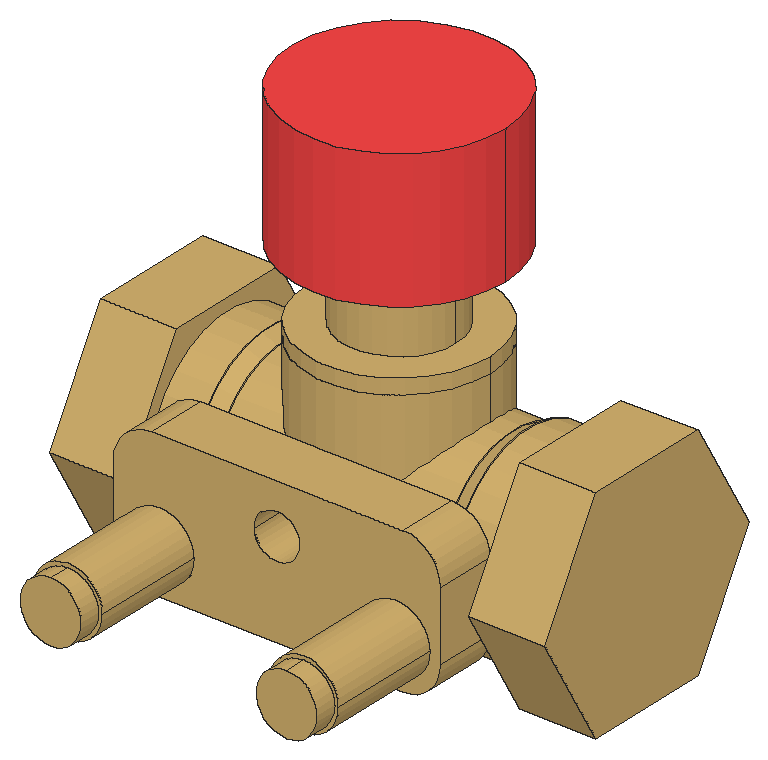
Revit family "ASV-M_DN15-DN40_Internal_TP_RFA", category Pipe Accessories, Revit 2019
Family settings
  Round Connector Dimension = Use Diameter
  Part Type = Valve - Breaks Into
  Work Plane-Based = No
  Always vertical = Yes
  Cut with Voids When Loaded = No
  Shared = No
Parameters (values of type "ASV-M_DN15_Internal_TP_003L7681")
  ang2D [instance] = 0.00°
  W_TP = 35 mm
  W_P = 20 mm
  Valve Body Material = Danfoss Brass
  Use Minimum Symbol Size [instance] = no
  URL = "https://store.danfoss.com/en/Climate-Solutions-for-heating/Hydronic-Balancing-and-Control/Differential-Pressure-Control/Partner-valves/c/7017?q=%3Arelevance%3Adanfoss_producttypehierarchydesc%3A0db7ce8e13f1d90eb5580db7ceeb1985e23455bd%3Adanfoss_a50461501115_fts%3ATA5_1501120&page=0&pageSize=20"
  TD = R_V2 * 2  # 26 mm
  R_Thread1 = 16.5 mm
  R_TP = 3 mm
  R_Body1 = 12 mm
  R_V1 = 12 mm
  R_V2 = 13 mm
  R_Body3 = 7.5 mm
  R_C = 14 mm
  R_Body2 = 12 mm
  Pressure Drop [instance] = 0.0 Pa
  Depth_P = 8 mm
  Nominal Pressure = "PN 16"  # constant formula
  R_T = 16.7 mm
  H_T1 = 9.5 mm
  Model Type = "ASV-M_DN15_Internal_TP"
  Model = "003L7681"
  Min Medium Temperature = "-20 °C"  # constant formula
  Min Differential Pressure = "10 kPa"  # constant formula
  Max Medium Temperature = "120 °C"  # constant formula
  Max Differential Pressure = "150 kPa"  # constant formula
  Manufacturer = "Danfoss"  # constant formula
  H_T2 = 2 mm
  L_TP3 = 0 mm
  L_TP2 = 15.5 mm
  L_TP1 = 15.5 mm
  L_2 = 32.5 mm
  L_P2 = 21.5 mm
  L_P1 = 21.5 mm
  LOD 350 = not(LOD 200)  # yes
  LOD 200 = no
  L4 = 15 mm
  L3 = 2 mm
  L2__ve = -L2  # -6 mm
  L2 = 6 mm
  L1__ve = -L1  # -10 mm
  L1 = 10 mm
  L = L_2 * 2  # 65 mm
  Kvs = 1.6 m³/h
  IfcExportType = "ASV-M"  # constant formula
  IfcExportAs = "IfcValveType"  # constant formula
  H_TP1 = 3.5 mm
  H_TP2 = 3 mm
  H_P2 = 9.5 mm
  H_P1 = 9.5 mm
  H_C = 18 mm
  H1 = 47.1 mm
  Flow [instance] = 0.0 m³/h
  Description = "Partner Valve for Automatic Balancing"  # constant formula
  D = 15 mm
  Connection = "Internal Thread"  # constant formula
  R_Thread = R_T * cos(30.00°)  # 14.463 mm
  R_Arc = 5 mm
Types (5, lengths in mm): name | W_TP | W_P | TD | R_Thread1 | R_TP | R_Body1 | R_V1 | R_V2 | R_Body3 | R_C | R_Body2 | Depth_P | R_T | H_T1 | Model Type | Model | H_T2 | L_TP3 | L_TP2 | L_TP1 | L_2 | L_P2 | L_P1 | L4 | L3 | L2__ve | L2 | L1__ve | L1 | L | Kvs | H_TP1 | H_TP2 | H_P2 | H_P1 | H_C | H1 | D | R_Thread
  ASV-M_DN20_Internal_TP_003L7682 | 37 | 20 | 30 | 20.5 | 3 | 14.5 | 14.5 | 15 | 9 | 17.5 | 14.5 | 8 | 20.8 | 11.5 | "ASV-M_DN20_Internal_TP" | "003L7682" | 2 | 1 | 14.5 | 16.5 | 37.5 | 20.5 | 22 | 18 | 2 | -9 | 9 | -10 | 10 | 75 | 2.5 m³/h | 3 | 3 | 9.5 | 9.5 | 22.5 | 58.75 | 20 | 18.013
  ASV-M_DN25_Internal_TP_003L7683 | 40 | 23 | 38.4 | 26.5 | 3.5 | 18 | 18 | 19.2 | 11 | 22.5 | 18 | 8 | 27.1 | 15.5 | "ASV-M_DN25_Internal_TP" | "003L7683" | 2 | 2 | 13.5 | 17.5 | 42 | 20 | 23.5 | 19 | 2 | -12 | 12 | -12 | 12 | 84 | 4.0 m³/h | 3 | 3 | 9.5 | 9.5 | 28.8 | 75.8 | 25 | 23.469
  ASV-M_DN32_Internal_TP_003L7684 | 45 | 28.5 | 48 | 32.5 | 3.5 | 22 | 22 | 24 | 14 | 27.5 | 22 | 8 | 32.9 | 22.5 | "ASV-M_DN32_Internal_TP" | "003L7684" | 7 | 3 | 12.5 | 18.5 | 47.5 | 22 | 28 | 20.5 | 2.143 | -11 | 11 | -15 | 15 | 95 | 6.3 m³/h | 3 | 3 | 9 | 9 | 36 | 98 | 32 | 28.492
  ASV-M_DN40_Internal_TP_003L7685 | 50 | 33 | 54 | 36 | 3.5 | 22 | 25 | 27 | 14 | 27.5 | 22 | 11.5 | 36.4 | 19 | "ASV-M_DN40_Internal_TP" | "003L7685" | 4 | 5.5 | 10 | 21 | 50 | 22 | 28 | 23 | 2.429 | -9 | 9 | -17 | 17 | 100 | 10.0 m³/h | 1 | 5 | 11 | 7 | 36 | 98.8 | 40 | 31.523
  ASV-M_DN15_Internal_TP_003L7681 | 35 | 20 | 26 | 16.5 | 3 | 12 | 12 | 13 | 7.5 | 14 | 12 | 8 | 16.7 | 9.5 | "ASV-M_DN15_Internal_TP" | "003L7681" | 2 | 0 | 15.5 | 15.5 | 32.5 | 21.5 | 21.5 | 15 | 2 | -6 | 6 | -10 | 10 | 65 | 1.6 m³/h | 3.5 | 3 | 9.5 | 9.5 | 18 | 47.1 | 15 | 14.463
Reference planes
  plane 1 "Center (Front/Back)": y = 0
  plane 2 "XYPLANE": z = 0
  plane 3 "Center (Left/Right)": x = 0
  plane 4 "59": y = -20
  plane 5 "58": z = 9.5
  plane 6 "57": z = -9.5
  plane 7 "56": x = -21.5
  plane 8 "55": x = 21.5
  plane 9 "43": z = 17.6
  plane 10 "42": z = 19.6
  plane 11 "41": z = 29.1
  plane 12 "40": x = 17
  plane 13 "39": x = 15
  plane 14 "38": x = -17
  plane 15 "37": x = -15
  plane 16 "35": z = 47.1
  plane 17 "26": x = -32.5
  plane 18 "25": x = 32.5
  plane 19 "24": z = 0
  plane 20 "23": y = 0
  plane 21 "22": x = 0
  plane 22 "c1": x = 15.5
  plane 23 "c2": x = -15.5
  plane 24: z = -3.5
  plane 25: z = 3
  plane 26: x = 0
  plane 27 "WTP": y = -35
Forms (mm)
  Extrusion 1, solid, material "Danfoss Brass" <- "Valve Body Material", visible <- "LOD 350", detail levels fine
    sketch origin (0, 0, 19.6) x (1, 0, 0) y (0, 1, 0)
      loop
        circle (0, 0) r 7.5
    from 0 to 9.5 <- "H_T1"
  Extrusion 2, solid, material "Danfoss Brass" <- "Valve Body Material", visible <- "LOD 350", detail levels fine
    sketch origin (17, -750, 0) x (0, 1, 0) y (0, 0, 1)
      loop
        circle (750, 0) r 13
    from 0 to 6 <- "L2"
  Extrusion 3, solid, material "Danfoss Brass" <- "Valve Body Material", visible <- "LOD 350", detail levels fine
    sketch origin (-17, -750, 0) x (0, 1, 0) y (0, 0, 1)
      loop
        circle (750, 0) r 13
    from 0 to -6 <- "L2__ve"
  Extrusion 4, solid, material "Danfoss Brass" <- "Valve Body Material", detail levels fine
    sketch origin (750, -20, 0) x (-1, 0, 0) y (0, 0, 1)
      loop
        line (766.5, 9.5) -> (733.5, 9.5)
        arc (733.5, 9.5) -> (729.964, 8.036) -> (728.5, 4.5) r 5
        line (728.5, 4.5) -> (728.5, -4.5)
        arc (728.5, -4.5) -> (729.964, -8.036) -> (733.5, -9.5) r 5
        line (733.5, -9.5) -> (766.5, -9.5)
        arc (766.5, -9.5) -> (770.036, -8.036) -> (771.5, -4.5) r 5
        line (771.5, -4.5) -> (771.5, 4.5)
        arc (771.5, 4.5) -> (770.036, 8.036) -> (766.5, 9.5) r 5
      loop
        circle (750, 3) r 3
    from 0 to 8 <- "Depth_P"
  Extrusion 5, solid, material "Danfoss Plastic Red", detail levels fine
    sketch origin (-750, 0, 29.1) x (1, 0, 0) y (0, 1, 0)
      loop
        circle (750, 0) r 14
    from 0 to 18 <- "H_C"
  Blend 6, solid, material "Danfoss Brass" <- "Valve Body Material", visible <- "LOD 350", detail levels fine
    base sketch origin (-750, 0, 17.6) x (1, 0, 0) y (0, 1, 0)
      loop
        circle (750, 0) r 12
    top sketch origin (-750, 0, 17.6) x (1, 0, 0) y (0, 1, 0)
      loop
        circle (750, 0) r 12
    from 0 to 2
  Extrusion 7, solid, material "Danfoss Brass" <- "Valve Body Material", visible <- "LOD 350", detail levels fine
    sketch origin (-750, 0, 17.6) x (1, 0, 0) y (0, 1, 0)
      loop
        circle (750, 0) r 12
    from 0 to -17.6
  Extrusion 8, solid, material "Danfoss Brass" <- "Valve Body Material", visible <- "LOD 350", detail levels fine
    sketch origin (32.5, -750, 0) x (0, 1, 0) y (0, 0, 1)
      loop
        line (766.7, 0) -> (758.35, 14.463) -> (741.65, 14.463) -> (733.3, 0) -> (741.65, -14.463) -> (758.35, -14.463) -> (766.7, 0)
    from 0 to -10 <- "L1__ve"
  Extrusion 9, solid, material "Danfoss Brass" <- "Valve Body Material", visible <- "LOD 350", detail levels fine
    sketch origin (-32.5, -750, 0) x (0, 1, 0) y (0, 0, 1)
      loop
        line (733.3, 0) -> (741.65, -14.463) -> (758.35, -14.463) -> (766.7, 0) -> (758.35, 14.463) -> (741.65, 14.463) -> (733.3, 0)
    from 0 to 10 <- "L1"
  Blend 10, solid, material "Danfoss Brass" <- "Valve Body Material", visible <- "LOD 350", detail levels fine
    base sketch origin (17, -750, 0) x (0, 1, 0) y (0, 0, 1)
      loop
        circle (750, 0) r 13
    top sketch origin (17, -750, 0) x (0, 1, 0) y (0, 0, 1)
      loop
        circle (750, 0) r 12
    from 0 to -2
  Blend 11, solid, material "Danfoss Brass" <- "Valve Body Material", visible <- "LOD 350", detail levels fine
    base sketch origin (-17, -750, 0) x (0, 1, 0) y (0, 0, 1)
      loop
        circle (750, 0) r 13
    top sketch origin (-17, -750, 0) x (0, 1, 0) y (0, 0, 1)
      loop
        circle (750, 0) r 12
    from 0 to 2
  Extrusion 12, solid, material "Danfoss Brass" <- "Valve Body Material", visible <- "LOD 350", detail levels fine
    sketch origin (-15, -750, 0) x (0, 1, 0) y (0, 0, 1)
      loop
        circle (750, 0) r 12
    from 0 to 30
  Extrusion 13, solid, material "Danfoss Brass" <- "Valve Body Material", visible <- "LOD 200", detail levels fine
    sketch origin (32.5, -750, 0) x (0, 1, 0) y (0, 0, 1)
      loop
        circle (750, 0) r 16.5
    from 0 to -10 <- "L1__ve"
  Extrusion 14, solid, material "Danfoss Brass" <- "Valve Body Material", visible <- "LOD 200", detail levels fine
    sketch origin (-32.5, -750, 0) x (0, 1, 0) y (0, 0, 1)
      loop
        circle (750, 0) r 16.5
    from 0 to 10 <- "L1"
  Extrusion 15, solid, material "Danfoss Brass" <- "Valve Body Material", visible <- "LOD 200", detail levels fine
    sketch origin (0, 0, 0) x (1, 0, 0) y (0, 1, 0)
      loop
        circle (0, 0) r 12
    from 0 to 29.1
  Extrusion 16, solid, material "Danfoss Brass" <- "Valve Body Material", visible <- "LOD 200", detail levels fine
    sketch origin (0, 0, 0) x (0, 1, 0) y (0, 0, 1)
      loop
        circle (0, 0) r 12
    from -22.5 to 22.5
  Extrusion 17, solid, material "Danfoss Brass" <- "Valve Body Material", visible <- "LOD 350", detail levels fine
    sketch origin (0, 0, 0) x (1, 0, 0) y (0, 0, 1)
      loop
        circle (-15.5, -3.5) r 4.5
      loop
        circle (15.5, -3.5) r 4.5
    from 0 to 35
  Extrusion 18, solid, material "Danfoss Brass" <- "Valve Body Material", visible <- "LOD 350", detail levels fine
    sketch origin (0, -35, 0) x (0, 0, -1) y (-1, 0, 0)
      loop
        circle (3.5, 15.5) r 4
      loop
        circle (3.5, -15.5) r 4
    from 0 to -2.8
  Extrusion 19, solid, material "Danfoss Brass" <- "Valve Body Material", visible <- "LOD 200", detail levels fine
    sketch origin (0, 0, 0) x (1, 0, 0) y (0, 0, 1)
      loop
        circle (-15.5, -3.5) r 4.5
      loop
        circle (15.5, -3.5) r 4.5
    from 0 to 37.8
Lines and regions (mm)
  reference lines, not visible
    curve 1: circle (2, 2, 0) r 1 normal (0, 0, 1)
  reference lines
    curve 2: line (32.5, 0, 0) -> (32.5, -3.375, 5.846)
    curve 3: line (32.5, 0, 0) -> (32.5, -6.75, 0)
    curve 4: line (32.5, 0, 0) -> (32.5, -3.375, -5.846)
    curve 5: line (-32.5, 0, 0) -> (-32.5, 3.375, 5.846)
    curve 6: line (-32.5, 0, 0) -> (-32.5, 6.75, 0)
    curve 7: line (-32.5, 0, 0) -> (-32.5, 3.375, -5.846)
Dimensions and locks
  plane 1 "Center (Front/Back)" to curve 1 = 2 mm
  "W_P": plane 20 "23" to plane 4 "59"
  "L_P1": plane 21 "22" to plane 7 "56"
  "L_P2": plane 21 "22" to plane 8 "55"
  "H_T2": plane 10 "42" to plane 9 "43"
  "H_T1": plane 11 "41" to plane 10 "42"
  "H_C": plane 16 "35" to plane 11 "41"
  "L3": plane 13 "39" to plane 12 "40"
  "L4": plane 21 "22" to plane 13 "39"
  "L3": plane 15 "37" to plane 14 "38"
  "L4": plane 21 "22" to plane 15 "37"
  "H1": plane 19 "24" to plane 16 "35"
  "L_2": plane 21 "22" to plane 17 "26"
  "L_2": plane 21 "22" to plane 18 "25"
  locked: plane 2 "XYPLANE" to plane 19 "24"
  locked: plane 1 "Center (Front/Back)" to plane 20 "23"
  locked: plane 3 "Center (Left/Right)" to plane 21 "22"
  Extrusion 4 sketch curve to Extrusion 4 sketch curve = 0 mm  (x16)
  "R_Thread": curve 2 to Extrusion 8 sketch curve  (x2)
  "R_Thread": curve 3 to Extrusion 8 sketch curve  (x2)
  "R_Thread": curve 4 to Extrusion 8 sketch curve  (x2)
  Extrusion 8 sketch curve to Extrusion 8 sketch curve = 0 mm  (x12)
  "R_Thread": curve 5 to Extrusion 9 sketch curve  (x2)
  "R_Thread": curve 6 to Extrusion 9 sketch curve  (x2)
  "R_Thread": curve 7 to Extrusion 9 sketch curve  (x2)
  Extrusion 9 sketch curve to Extrusion 9 sketch curve = 0 mm  (x12)
  plane 18 "25" to plane 17 "26" = 65 mm
  "H_TP1": level to plane 24
  "L_TP2": plane 22 "c1" to plane 3 "Center (Left/Right)"
  "L_TP1": plane 3 "Center (Left/Right)" to plane 23 "c2"
  "H_P2": plane 5 "58" to level
  "H_P1": level to plane 6 "57"
  "H_TP2": plane 25 to level
  "L_TP3": plane 3 "Center (Left/Right)" to plane 26
  "W_TP": plane 20 "23" to plane 27 "WTP"
  "R_Body3": radius of Extrusion 1 sketch curve
  "R_V2": radius of Extrusion 2 sketch curve
  "R_V2": radius of Extrusion 3 sketch curve
  "R_Arc": radius of Extrusion 4 sketch curve  (x4)
  "R_C": radius of Extrusion 5 sketch curve
  "R_Body2": radius of Blend 6 sketch curve  (x2)
  "R_Body1": radius of Extrusion 7 sketch curve
  "R_V1": radius of Blend 10 sketch curve
  "R_V2": radius of Blend 10 sketch curve
  "R_V1": radius of Blend 11 sketch curve
  "R_V2": radius of Blend 11 sketch curve
  "R_V1": radius of Extrusion 12 sketch curve
  "R_Thread1": radius of Extrusion 13 sketch curve
  "R_Thread1": radius of Extrusion 14 sketch curve
  "R_Body1": radius of Extrusion 15 sketch curve
  "R_V1": radius of Extrusion 16 sketch curve
  "R_TP": radius of Extrusion 4 sketch curve
  locked: curve 3 to curve 2 (angle 60.00°)
  locked: curve 4 to curve 3 (angle 60.00°)
  locked: curve 4 to curve 2 (angle 120.00°)
  locked: curve 6 to curve 5 (angle 60.00°)
  locked: curve 7 to curve 6 (angle 60.00°)
  locked: curve 7 to curve 5 (angle 120.00°)
  aligned and locked: level to plane 2 "XYPLANE"
  aligned and locked: plane 20 "23" to Extrusion 1 sketch curve
  aligned and locked: plane 21 "22" to Extrusion 1 sketch curve
  aligned and locked: plane 19 "24" to Extrusion 2 sketch curve
  aligned and locked: Extrusion 2 sketch curve to plane 20 "23"
  aligned and locked: plane 19 "24" to Extrusion 3 sketch curve
  aligned and locked: Extrusion 3 sketch curve to plane 20 "23"
  aligned and locked: plane 7 "56" to Extrusion 4 sketch curve
  aligned and locked: plane 6 "57" to Extrusion 4 sketch curve
  aligned and locked: Extrusion 4 sketch curve to plane 8 "55"
  aligned and locked: Extrusion 4 sketch curve to plane 5 "58"
  aligned and locked: plane 20 "23" to Extrusion 5 sketch curve
  aligned and locked: plane 21 "22" to Extrusion 5 sketch curve
  aligned and locked: plane 20 "23" to Blend 6 sketch curve  (x2)
  aligned and locked: plane 21 "22" to Blend 6 sketch curve  (x2)
  aligned and locked: plane 10 "42" to Blend 6
  aligned and locked: plane 20 "23" to Extrusion 7 sketch curve
  aligned and locked: plane 21 "22" to Extrusion 7 sketch curve
  aligned and locked: plane 19 "24" to curve 4
  aligned and locked: curve 4 to plane 20 "23"
  aligned and locked: plane 19 "24" to curve 7
  aligned and locked: curve 7 to plane 20 "23"
  aligned and locked: plane 19 "24" to Blend 10 sketch curve  (x2)
  aligned and locked: Blend 10 sketch curve to plane 20 "23"  (x2)
  aligned and locked: Blend 10 to plane 13 "39"
  aligned and locked: plane 19 "24" to Blend 11 sketch curve  (x2)
  aligned and locked: Blend 11 sketch curve to plane 20 "23"  (x2)
  aligned and locked: plane 15 "37" to Blend 11
  aligned and locked: plane 19 "24" to Extrusion 12 sketch curve
  aligned and locked: Extrusion 12 sketch curve to plane 20 "23"
  aligned and locked: plane 19 "24" to Extrusion 13 sketch curve
  aligned and locked: Extrusion 13 sketch curve to plane 20 "23"
  aligned and locked: plane 19 "24" to Extrusion 14 sketch curve
  aligned and locked: Extrusion 14 sketch curve to plane 20 "23"
  aligned and locked: Extrusion 12 to plane 13 "39"
  aligned and locked: plane 1 "Center (Front/Back)" to Extrusion 15 sketch curve
  aligned and locked: plane 3 "Center (Left/Right)" to Extrusion 15 sketch curve
  aligned and locked: plane 11 "41" to Extrusion 15
  aligned and locked: plane 1 "Center (Front/Back)" to Extrusion 16 sketch curve
  aligned and locked: level to Extrusion 16 sketch curve
  aligned and locked: Extrusion 16 to Extrusion 13
  aligned and locked: Extrusion 16 to Extrusion 14
  aligned and locked: plane 26 to Extrusion 4 sketch curve
  aligned and locked: plane 25 to Extrusion 4 sketch curve
  aligned and locked: Extrusion 7 to level
  aligned and locked: Extrusion 17 to Extrusion 18
  aligned and locked: Extrusion 19 to Extrusion 18
  aligned and locked: Extrusion 17 to plane 27 "WTP"
  aligned and locked: plane 1 "Center (Front/Back)" to nested 1
  aligned and locked: nested 1 to plane 17 "26"
  aligned and locked: plane 3 "Center (Left/Right)" to nested 1
Automatic sketch dimensions
  plane 3 "Center (Left/Right)" to curve 1 = 2 mm
  Extrusion 17 sketch curve to plane 23 "c2" = 0 mm
  Extrusion 17 sketch curve to plane 22 "c1" = 0 mm
  Extrusion 17 sketch curve to plane 24 = 0 mm  (x2)
  Extrusion 19 sketch curve to plane 23 "c2" = 0 mm
  Extrusion 19 sketch curve to plane 22 "c1" = 0 mm
  Extrusion 19 sketch curve to plane 24 = 0 mm  (x2)
  Extrusion 18 sketch curve to plane 22 "c1" = 0 mm
  Extrusion 18 sketch curve to plane 24 = 0 mm  (x2)
  Extrusion 18 sketch curve to plane 23 "c2" = 0 mm
  radius of curve 1 = 1 mm
  radius of Extrusion 17 sketch curve = 4.5 mm  (x2)
  radius of Extrusion 19 sketch curve = 4.5 mm  (x2)
  radius of Extrusion 18 sketch curve = 4 mm  (x2)
Nested families
  nested 1: "Schematic_Shut off valve" at (0, 0, 0), type "Schematic_Shut off valve"
Connectors
  piping at (-32.5, 0, 0), diameter 15, driven by "D", driven by "Flow"
    settings: on Extrusion 14, index 1, connector inside diameter 609.6 mm, connector length 0 mm, flow factor 0, pipe flow 0.0 m³/h, pressure drop 0.0 Pa, fitting loss kfactor 0, connector angle 0.00°, fixture units 0, engagement length 0 mm, angle of deflection 0.00°, flow configuration 0, flow direction 0, fitting loss method 0, system type 29, joint type 0, gender type 0, connector reference index 2, connector utility 0, adjustable connector no, is connector primary yes, connector description ""
  piping at (32.5, 0, 0), diameter 15, driven by "D", driven by "Flow"
    settings: on Extrusion 13, index 2, connector inside diameter 609.6 mm, connector length 0 mm, flow factor 0, pipe flow 0.0 m³/h, pressure drop 0.0 Pa, fitting loss kfactor 0, connector angle 0.00°, fixture units 0, engagement length 0 mm, angle of deflection 0.00°, flow configuration 0, flow direction 0, fitting loss method 0, system type 29, joint type 0, gender type 0, connector reference index 1, connector utility 0, adjustable connector no, is connector primary no, connector description ""
Definition of nested family "Schematic_Shut off valve"
  Parameters (values of type "Schematic_Shut off valve")
    L = 65 mm
    H = 47.1 mm
    L1 = L / 2  # 32.5 mm
    D = 26 mm
  Reference planes
    plane 1 "Center (Front/Back)": y = 0
    plane 2: z = 0
    plane 3 "Center (Left/Right)": x = 0
    plane 4: y = 34.1
    plane 5: y = -13
    plane 6: x = -32.5
    plane 7: x = 32.5
    plane 8: y = 13
    plane 9: x = -16.25
    plane 10: x = 16.25
    plane 11: z = 13
    plane 12: z = -13
    plane 13: z = 34.1
  Lines and regions (mm)
    model lines
      curve 1: line (-32.5, 0, 13) -> (-32.5, 0, -13)
      curve 2: line (-32.5, 0, -13) -> (0, 0, 0)
      curve 3: line (0, 0, 0) -> (-32.5, 0, 13)
      curve 4: line (32.5, 0, 13) -> (0, 0, 0)
      curve 5: line (32.5, 0, -13) -> (0, 0, 0)
      curve 6: line (32.5, 0, -13) -> (32.5, 0, 13)
      curve 7: line (0, 0, 0) -> (0, 0, 34.1)
      curve 16: line (0, 0, 34.1) -> (-16.25, 0, 34.1)
      curve 17: line (-16.25, 0, -6.5) -> (-16.25, 0, -13)
      curve 18: line (16.25, 0, -6.5) -> (16.25, 0, -13)
    symbolic lines
      curve 8: line (-32.5, 13, 0) -> (-32.5, -13, 0)
      curve 9: line (-32.5, -13, 0) -> (0, 0, 0)
      curve 10: line (-32.5, 13, 0) -> (0, 0, 0)
      curve 11: line (32.5, 13, 0) -> (0, 0, 0)
      curve 12: line (32.5, -13, 0) -> (0, 0, 0)
      curve 13: line (32.5, -13, 0) -> (32.5, 13, 0)
      curve 14: line (0, 0, 0) -> (0, 34.1, 0)
      curve 15: line (0, 34.1, 0) -> (-16.25, 34.1, 0)
      curve 19: line (-16.25, -6.5, 0) -> (-16.25, -13, 0)
      curve 20: line (16.25, -6.5, 0) -> (16.25, -13, 0)
  Dimensions and locks
    "H": plane 5 to plane 4
    equal spacing: plane 6, plane 3 "Center (Left/Right)", plane 7
    equal spacing: plane 5, plane 1 "Center (Front/Back)", plane 8
    equal spacing: plane 9, plane 3 "Center (Left/Right)", plane 10
    equal spacing: plane 11, level, plane 12
    "H": plane 13 to plane 12
    "D": plane 5 to plane 8
    "L1": plane 9 to plane 10
    "D": plane 11 to plane 12
    "L": plane 6 to plane 7
    aligned and locked: level to plane 2
    aligned and locked: plane 7 to curve 6
    aligned and locked: curve 15 to plane 4
    aligned and locked: plane 9 to curve 15
    aligned and locked: plane 9 to curve 16
    aligned and locked: plane 13 to curve 16
    aligned and locked: plane 12 to curve 17
    aligned and locked: curve 17 to plane 9
    aligned and locked: curve 18 to plane 10
    aligned and locked: plane 12 to curve 18
  Automatic sketch dimensions
    curve 1 to plane 6 = 0 mm
    curve 4 to level = 0 mm
    curve 4 to plane 3 "Center (Left/Right)" = 0 mm
    curve 6 to plane 12 = 0 mm
    curve 1 to plane 12 = 0 mm
    curve 3 to plane 11 = 0 mm
    curve 6 to plane 11 = 0 mm
    plane 5 to curve 8 = 0 mm
    curve 8 to plane 6 = 0 mm
    plane 1 "Center (Front/Back)" to curve 11 = 0 mm
    curve 11 to plane 3 "Center (Left/Right)" = 0 mm
    plane 5 to curve 12 = 0 mm
    curve 12 to plane 7 = 0 mm
    plane 8 to curve 10 = 0 mm
    plane 8 to curve 13 = 0 mm
    plane 5 to curve 19 = 0 mm
    plane 5 to curve 20 = 0 mm
    curve 19 to plane 9 = 0 mm
    curve 20 to plane 10 = 0 mm
